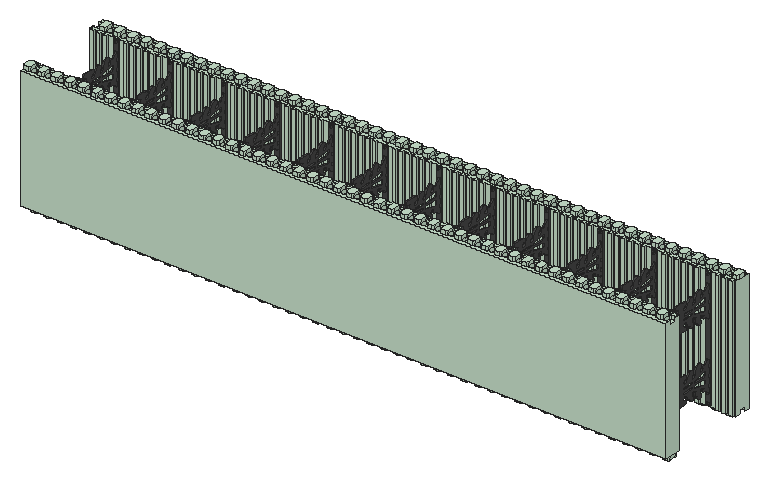
Revit family (continued)
Definition of nested family "NUDURA Diamond Pattern"
  Lines and regions (in)
    model lines
      curve 108: line (4.54562, -5.625, 8.42678) -> (4.17062, -5.625, 8.80178)
      curve 109: arc (3.69709, -5.625, 7.35858) -> (3.75567, -5.625, 7.5) -> (3.69709, -5.625, 7.64142) r 0.2
      curve 110: line (4.634, -5.625, 7.01517) -> (4.29059, -5.625, 7.35858)
      curve 111: arc (4.634, -5.625, 6.48484) -> (4.74384, -5.625, 6.75) -> (4.634, -5.625, 7.01517) r 0.375
      curve 112: line (4.29059, -5.625, 6.14142) -> (4.634, -5.625, 6.48484)
      curve 113: line (3.35367, -5.625, 6.48484) -> (3.69709, -5.625, 6.14142)
      curve 114: arc (3.35367, -5.625, 7.01517) -> (3.24384, -5.625, 6.75) -> (3.35367, -5.625, 6.48484) r 0.375
      curve 115: line (3.69709, -5.625, 7.35858) -> (3.35367, -5.625, 7.01517)
      curve 116: arc (4.17062, -5.625, 7.30178) -> (3.99384, -5.625, 7.375) -> (3.81706, -5.625, 7.30178) r 0.25
      curve 117: line (3.81706, -5.625, 7.30178) -> (3.44206, -5.625, 6.92678)
      curve 118: arc (3.44206, -5.625, 6.92678) -> (3.36884, -5.625, 6.75) -> (3.44206, -5.625, 6.57322) r 0.25
      curve 119: line (3.44206, -5.625, 6.57322) -> (3.81706, -5.625, 6.19822)
      curve 120: arc (3.81706, -5.625, 6.19822) -> (3.99384, -5.625, 6.125) -> (4.17062, -5.625, 6.19822) r 0.25
      curve 121: line (4.17062, -5.625, 6.19822) -> (4.54562, -5.625, 6.57322)
      curve 122: arc (4.54562, -5.625, 6.57322) -> (4.61884, -5.625, 6.75) -> (4.54562, -5.625, 6.92678) r 0.25
      curve 123: line (4.54562, -5.625, 6.92678) -> (4.17062, -5.625, 7.30178)
      curve 124: arc (3.69709, -5.625, 5.85858) -> (3.75567, -5.625, 6) -> (3.69709, -5.625, 6.14142) r 0.2
      curve 125: line (4.634, -5.625, 5.51517) -> (4.29059, -5.625, 5.85858)
      curve 126: arc (4.634, -5.625, 4.98484) -> (4.74384, -5.625, 5.25) -> (4.634, -5.625, 5.51517) r 0.375
      curve 127: line (4.29059, -5.625, 4.64142) -> (4.634, -5.625, 4.98484)
      curve 128: line (3.35367, -5.625, 4.98484) -> (3.69709, -5.625, 4.64142)
      curve 129: arc (3.35367, -5.625, 5.51517) -> (3.24384, -5.625, 5.25) -> (3.35367, -5.625, 4.98484) r 0.375
      curve 130: line (3.69709, -5.625, 5.85858) -> (3.35367, -5.625, 5.51517)
      curve 131: arc (4.17062, -5.625, 5.80178) -> (3.99384, -5.625, 5.875) -> (3.81706, -5.625, 5.80178) r 0.25
      curve 132: line (3.81706, -5.625, 5.80178) -> (3.44206, -5.625, 5.42678)
      curve 133: arc (3.44206, -5.625, 5.42678) -> (3.36884, -5.625, 5.25) -> (3.44206, -5.625, 5.07322) r 0.25
      curve 134: line (3.44206, -5.625, 5.07322) -> (3.81706, -5.625, 4.69822)
      curve 135: arc (3.81706, -5.625, 4.69822) -> (3.99384, -5.625, 4.625) -> (4.17062, -5.625, 4.69822) r 0.25
      curve 136: line (4.17062, -5.625, 4.69822) -> (4.54562, -5.625, 5.07322)
      curve 137: arc (4.54562, -5.625, 5.07322) -> (4.61884, -5.625, 5.25) -> (4.54562, -5.625, 5.42678) r 0.25
      curve 138: line (4.54562, -5.625, 5.42678) -> (4.17062, -5.625, 5.80178)
      curve 139: arc (3.69709, -5.625, 4.35858) -> (3.75567, -5.625, 4.5) -> (3.69709, -5.625, 4.64142) r 0.2
      curve 140: line (4.634, -5.625, 4.01517) -> (4.29059, -5.625, 4.35858)
      curve 141: arc (4.634, -5.625, 3.48484) -> (4.74384, -5.625, 3.75) -> (4.634, -5.625, 4.01517) r 0.375
      curve 142: line (4.29059, -5.625, 3.14142) -> (4.634, -5.625, 3.48484)
      curve 143: line (3.35367, -5.625, 3.48484) -> (3.69709, -5.625, 3.14142)
      curve 144: arc (3.35367, -5.625, 4.01517) -> (3.24384, -5.625, 3.75) -> (3.35367, -5.625, 3.48484) r 0.375
      curve 145: line (3.69709, -5.625, 4.35858) -> (3.35367, -5.625, 4.01517)
      curve 146: arc (4.17062, -5.625, 4.30178) -> (3.99384, -5.625, 4.375) -> (3.81706, -5.625, 4.30178) r 0.25
      curve 147: line (3.81706, -5.625, 4.30178) -> (3.44206, -5.625, 3.92678)
      curve 148: arc (3.44206, -5.625, 3.92678) -> (3.36884, -5.625, 3.75) -> (3.44206, -5.625, 3.57322) r 0.25
      curve 149: line (3.44206, -5.625, 3.57322) -> (3.81706, -5.625, 3.19822)
      curve 150: arc (3.81706, -5.625, 3.19822) -> (3.99384, -5.625, 3.125) -> (4.17062, -5.625, 3.19822) r 0.25
      curve 151: line (4.17062, -5.625, 3.19822) -> (4.54562, -5.625, 3.57322)
      curve 152: arc (4.54562, -5.625, 3.57322) -> (4.61884, -5.625, 3.75) -> (4.54562, -5.625, 3.92678) r 0.25
      curve 153: line (4.54562, -5.625, 3.92678) -> (4.17062, -5.625, 4.30178)
      curve 154: arc (3.69709, -5.625, 2.85858) -> (3.75567, -5.625, 3) -> (3.69709, -5.625, 3.14142) r 0.2
      curve 155: line (4.634, -5.625, 2.51517) -> (4.29059, -5.625, 2.85858)
      curve 156: arc (4.634, -5.625, 1.98484) -> (4.74384, -5.625, 2.25) -> (4.634, -5.625, 2.51517) r 0.375
      curve 157: line (4.29059, -5.625, 1.64142) -> (4.634, -5.625, 1.98484)
      curve 158: line (3.35367, -5.625, 1.98484) -> (3.69709, -5.625, 1.64142)
      curve 159: arc (3.35367, -5.625, 2.51517) -> (3.24384, -5.625, 2.25) -> (3.35367, -5.625, 1.98484) r 0.375
      curve 160: line (3.69709, -5.625, 2.85858) -> (3.35367, -5.625, 2.51517)
      curve 161: arc (4.17062, -5.625, 2.80178) -> (3.99384, -5.625, 2.875) -> (3.81706, -5.625, 2.80178) r 0.25
      curve 162: line (3.81706, -5.625, 2.80178) -> (3.44206, -5.625, 2.42678)
      curve 163: arc (3.44206, -5.625, 2.42678) -> (3.36884, -5.625, 2.25) -> (3.44206, -5.625, 2.07322) r 0.25
      curve 164: line (3.44206, -5.625, 2.07322) -> (3.81706, -5.625, 1.69822)
      curve 165: arc (3.81706, -5.625, 1.69822) -> (3.99384, -5.625, 1.625) -> (4.17062, -5.625, 1.69822) r 0.25
      curve 166: line (4.17062, -5.625, 1.69822) -> (4.54562, -5.625, 2.07322)
      curve 167: arc (4.54562, -5.625, 2.07322) -> (4.61884, -5.625, 2.25) -> (4.54562, -5.625, 2.42678) r 0.25
      curve 168: line (4.54562, -5.625, 2.42678) -> (4.17062, -5.625, 2.80178)
      curve 169: arc (3.69709, -5.625, 1.35858) -> (3.75567, -5.625, 1.5) -> (3.69709, -5.625, 1.64142) r 0.2
      curve 170: line (3.69709, -5.625, 1.35858) -> (3.35367, -5.625, 1.01517)
      curve 171: arc (3.35367, -5.625, 1.01517) -> (3.24384, -5.625, 0.75) -> (3.35367, -5.625, 0.48484) r 0.375
      curve 172: line (3.35367, -5.625, 0.48484) -> (3.72867, -5.625, 0.10984)
      curve 173: arc (3.72867, -5.625, 0.10984) -> (3.99384, -5.625, 0) -> (4.259, -5.625, 0.10984) r 0.375
      curve 174: line (4.259, -5.625, 0.10984) -> (4.634, -5.625, 0.48484)
      curve 175: arc (4.634, -5.625, 0.48484) -> (4.74384, -5.625, 0.75) -> (4.634, -5.625, 1.01517) r 0.375
      curve 176: line (4.634, -5.625, 1.01517) -> (4.29059, -5.625, 1.35858)
      curve 177: arc (4.29059, -5.625, 1.64142) -> (4.23201, -5.625, 1.5) -> (4.29059, -5.625, 1.35858) r 0.2
      curve 178: arc (4.17062, -5.625, 1.30178) -> (3.99384, -5.625, 1.375) -> (3.81706, -5.625, 1.30178) r 0.25
      curve 179: line (4.54562, -5.625, 0.92678) -> (4.17062, -5.625, 1.30178)
      curve 180: arc (4.54562, -5.625, 0.57322) -> (4.61884, -5.625, 0.75) -> (4.54562, -5.625, 0.92678) r 0.25
      curve 181: line (4.17062, -5.625, 0.19822) -> (4.54562, -5.625, 0.57322)
      curve 182: arc (3.81706, -5.625, 0.19822) -> (3.99384, -5.625, 0.125) -> (4.17062, -5.625, 0.19822) r 0.25
      curve 183: line (3.44206, -5.625, 0.57322) -> (3.81706, -5.625, 0.19822)
      curve 184: arc (3.44206, -5.625, 0.92678) -> (3.36884, -5.625, 0.75) -> (3.44206, -5.625, 0.57322) r 0.25
      curve 185: line (3.81706, -5.625, 1.30178) -> (3.44206, -5.625, 0.92678)
      curve 186: arc (4.29059, -5.625, 3.14142) -> (4.23201, -5.625, 3) -> (4.29059, -5.625, 2.85858) r 0.2
      curve 187: arc (4.29059, -5.625, 4.64142) -> (4.23201, -5.625, 4.5) -> (4.29059, -5.625, 4.35858) r 0.2
      curve 188: arc (4.29059, -5.625, 6.14142) -> (4.23201, -5.625, 6) -> (4.29059, -5.625, 5.85858) r 0.2
      curve 189: arc (4.29059, -5.625, 7.64142) -> (4.23201, -5.625, 7.5) -> (4.29059, -5.625, 7.35858) r 0.2
      curve 190: arc (4.29059, -5.625, 9.14142) -> (4.23201, -5.625, 9) -> (4.29059, -5.625, 8.85858) r 0.2
      curve 191: arc (4.29059, -5.625, 10.64142) -> (4.23201, -5.625, 10.5) -> (4.29059, -5.625, 10.35858) r 0.2
      curve 192: arc (4.29059, -5.625, 12.14142) -> (4.23201, -5.625, 12) -> (4.29059, -5.625, 11.85858) r 0.2
      curve 193: arc (4.29059, -5.625, 13.64142) -> (4.23201, -5.625, 13.5) -> (4.29059, -5.625, 13.35858) r 0.2
      curve 194: arc (4.29059, -5.625, 15.14142) -> (4.23201, -5.625, 15) -> (4.29059, -5.625, 14.85858) r 0.2
      curve 195: arc (4.29059, -5.625, 16.64142) -> (4.23201, -5.625, 16.5) -> (4.29059, -5.625, 16.35858) r 0.2
Definition of nested family "NUDURA Logo Diamond"
  Reference planes (in)
    plane 1 "Center (Front/Back)": y = 0
    plane 2: z = 0
    plane 3 "Center (Left/Right)": x = 0
  Lines and regions (in)
    model lines
      curve 1: line (12.59848, 0, 17.50104) -> (12.24492, 0, 17.85459)
      curve 2: line (12.36113, 0, 16.76872) -> (12.59848, 0, 17.00607)
      curve 3: line (12.59848, 0, 16.00104) -> (12.36113, 0, 16.23839)
      curve 4: line (12.36113, 0, 15.26872) -> (12.59848, 0, 15.50607)
      curve 5: line (12.59848, 0, 14.50104) -> (12.36113, 0, 14.73839)
      curve 6: line (12.36113, 0, 13.76872) -> (12.59848, 0, 14.00607)
      curve 7: line (12.17421, 0, 13.28388) -> (12.71208, 0, 12.74602)
      curve 8: line (12.71208, 0, 12.74602) -> (12.78279, 0, 12.81673)
      curve 9: line (11.28279, 0, 12.74602) -> (11.82066, 0, 13.28388)
      curve 10: line (11.63374, 0, 13.23839) -> (11.21208, 0, 12.81673)
      curve 11: line (11.3964, 0, 14.00607) -> (11.63374, 0, 13.76872)
      curve 12: line (11.63374, 0, 14.73839) -> (11.3964, 0, 14.50104)
      curve 13: line (11.3964, 0, 15.50607) -> (11.63374, 0, 15.26872)
      curve 14: line (11.63374, 0, 16.23839) -> (11.3964, 0, 16.00104)
      curve 15: line (11.3964, 0, 17.00607) -> (11.63374, 0, 16.76872)
      curve 16: line (11.74995, 0, 17.85459) -> (11.3964, 0, 17.50104)
      curve 17: line (11.82066, 0, 17.78388) -> (11.46711, 0, 17.43033)
      curve 18: line (12.52777, 0, 17.43033) -> (12.17421, 0, 17.78388)
      curve 19: line (12.17421, 0, 16.72322) -> (12.52777, 0, 17.07678)
      curve 20: line (11.46711, 0, 17.07678) -> (11.82066, 0, 16.72322)
      curve 21: arc (11.3964, 0, 17.50104) -> (11.29388, 0, 17.25355) -> (11.3964, 0, 17.00607) r 0.35
      curve 22: arc (11.74995, 0, 17.85459) -> (11.99744, 0, 17.95711) -> (12.24492, 0, 17.85459) r 0.35
      curve 23: arc (11.46711, 0, 17.43033) -> (11.39388, 0, 17.25355) -> (11.46711, 0, 17.07678) r 0.25
      curve 24: arc (12.52777, 0, 17.43033) -> (12.60099, 0, 17.25355) -> (12.52777, 0, 17.07678) r 0.25
      curve 25: arc (12.17421, 0, 16.72322) -> (11.99744, 0, 16.65) -> (11.82066, 0, 16.72322) r 0.25
      curve 26: arc (11.82066, 0, 17.78388) -> (11.99744, 0, 17.85711) -> (12.17421, 0, 17.78388) r 0.25
      curve 27: arc (12.59848, 0, 17.50104) -> (12.70099, 0, 17.25355) -> (12.59848, 0, 17.00607) r 0.35
      curve 28: arc (11.63374, 0, 16.76872) -> (11.74358, 0, 16.50355) -> (11.63374, 0, 16.23839) r 0.375
      curve 29: arc (12.36113, 0, 16.76872) -> (12.2513, 0, 16.50355) -> (12.36113, 0, 16.23839) r 0.375
      curve 30: line (12.36113, 0, 15.26872) -> (12.59848, 0, 15.50607)
      curve 31: line (11.3964, 0, 15.50607) -> (11.63374, 0, 15.26872)
      curve 32: line (11.82066, 0, 16.28388) -> (11.46711, 0, 15.93033)
      curve 33: line (12.52777, 0, 15.93033) -> (12.17421, 0, 16.28388)
      curve 34: line (12.17421, 0, 15.22322) -> (12.52777, 0, 15.57678)
      curve 35: line (11.46711, 0, 15.57678) -> (11.82066, 0, 15.22322)
      curve 36: arc (11.3964, 0, 16.00104) -> (11.29388, 0, 15.75355) -> (11.3964, 0, 15.50607) r 0.35
      curve 37: arc (11.46711, 0, 15.93033) -> (11.39388, 0, 15.75355) -> (11.46711, 0, 15.57678) r 0.25
      curve 38: arc (12.52777, 0, 15.93033) -> (12.60099, 0, 15.75355) -> (12.52777, 0, 15.57678) r 0.25
      curve 39: arc (12.17421, 0, 15.22322) -> (11.99744, 0, 15.15) -> (11.82066, 0, 15.22322) r 0.25
      curve 40: arc (11.82066, 0, 16.28388) -> (11.99744, 0, 16.35711) -> (12.17421, 0, 16.28388) r 0.25
      curve 41: arc (12.59848, 0, 16.00104) -> (12.70099, 0, 15.75355) -> (12.59848, 0, 15.50607) r 0.35
      curve 42: line (11.63374, 0, 16.23839) -> (11.3964, 0, 16.00104)
      curve 43: line (12.59848, 0, 16.00104) -> (12.36113, 0, 16.23839)
      curve 44: arc (11.63374, 0, 15.26872) -> (11.74358, 0, 15.00355) -> (11.63374, 0, 14.73839) r 0.375
      curve 45: arc (12.36113, 0, 15.26872) -> (12.2513, 0, 15.00355) -> (12.36113, 0, 14.73839) r 0.375
      curve 46: line (12.36113, 0, 13.76872) -> (12.59848, 0, 14.00607)
      curve 47: line (11.3964, 0, 14.00607) -> (11.63374, 0, 13.76872)
      curve 48: line (11.82066, 0, 14.78388) -> (11.46711, 0, 14.43033)
      curve 49: line (12.52777, 0, 14.43033) -> (12.17421, 0, 14.78388)
      curve 50: line (12.17421, 0, 13.72322) -> (12.52777, 0, 14.07678)
      curve 51: line (11.46711, 0, 14.07678) -> (11.82066, 0, 13.72322)
      curve 52: arc (11.3964, 0, 14.50104) -> (11.29388, 0, 14.25355) -> (11.3964, 0, 14.00607) r 0.35
      curve 53: arc (11.46711, 0, 14.43033) -> (11.39388, 0, 14.25355) -> (11.46711, 0, 14.07678) r 0.25
      curve 54: arc (12.52777, 0, 14.43033) -> (12.60099, 0, 14.25355) -> (12.52777, 0, 14.07678) r 0.25
      curve 55: arc (12.17421, 0, 13.72322) -> (11.99744, 0, 13.65) -> (11.82066, 0, 13.72322) r 0.25
      curve 56: arc (11.82066, 0, 14.78388) -> (11.99744, 0, 14.85711) -> (12.17421, 0, 14.78388) r 0.25
      curve 57: arc (12.59848, 0, 14.50104) -> (12.70099, 0, 14.25355) -> (12.59848, 0, 14.00607) r 0.35
      curve 58: line (11.63374, 0, 14.73839) -> (11.3964, 0, 14.50104)
      curve 59: arc (11.63374, 0, 13.76872) -> (11.74358, 0, 13.50355) -> (11.63374, 0, 13.23839) r 0.375
      curve 60: arc (12.36113, 0, 13.76872) -> (12.2513, 0, 13.50355) -> (12.36113, 0, 13.23839) r 0.375
      curve 61: line (12.78279, 0, 12.81673) -> (12.36113, 0, 13.23839)
      curve 62: line (11.21208, 0, 12.81673) -> (11.28279, 0, 12.74602)
      curve 63: arc (11.82066, 0, 13.28388) -> (11.99744, 0, 13.35711) -> (12.17421, 0, 13.28388) r 0.25
      curve 64: line (12.59848, 0, 0.50607) -> (12.24492, 0, 0.15251)
      curve 65: line (12.36113, 0, 1.23839) -> (12.59848, 0, 1.00104)
      curve 66: line (12.59848, 0, 2.00607) -> (12.36113, 0, 1.76872)
      curve 67: line (12.36113, 0, 2.73839) -> (12.59848, 0, 2.50104)
      curve 68: line (12.59848, 0, 3.50607) -> (12.36113, 0, 3.26872)
      curve 69: line (12.36113, 0, 4.23839) -> (12.59848, 0, 4.00104)
      curve 70: line (12.17421, 0, 4.72322) -> (12.71208, 0, 5.26109)
      curve 71: line (12.71208, 0, 5.26109) -> (12.78279, 0, 5.19038)
      curve 72: line (11.28279, 0, 5.26109) -> (11.82066, 0, 4.72322)
      curve 73: line (11.63374, 0, 4.76872) -> (11.21208, 0, 5.19038)
      curve 74: line (11.3964, 0, 4.00104) -> (11.63374, 0, 4.23839)
      curve 75: line (11.63374, 0, 3.26872) -> (11.3964, 0, 3.50607)
      curve 76: line (11.3964, 0, 2.50104) -> (11.63374, 0, 2.73839)
      curve 77: line (11.63374, 0, 1.76872) -> (11.3964, 0, 2.00607)
      curve 78: line (11.3964, 0, 1.00104) -> (11.63374, 0, 1.23839)
      curve 79: line (11.74995, 0, 0.15251) -> (11.3964, 0, 0.50607)
      curve 80: line (11.82066, 0, 0.22322) -> (11.46711, 0, 0.57678)
      curve 81: line (12.52777, 0, 0.57678) -> (12.17421, 0, 0.22322)
      curve 82: line (12.17421, 0, 1.28388) -> (12.52777, 0, 0.93033)
      curve 83: line (11.46711, 0, 0.93033) -> (11.82066, 0, 1.28388)
      curve 84: arc (11.3964, 0, 0.50607) -> (11.29388, 0, 0.75355) -> (11.3964, 0, 1.00104) r 0.35
      curve 85: arc (11.74995, 0, 0.15251) -> (11.99744, 0, 0.05) -> (12.24492, 0, 0.15251) r 0.35
      curve 86: arc (11.46711, 0, 0.57678) -> (11.39388, 0, 0.75355) -> (11.46711, 0, 0.93033) r 0.25
      curve 87: arc (12.52777, 0, 0.57678) -> (12.60099, 0, 0.75355) -> (12.52777, 0, 0.93033) r 0.25
      curve 88: arc (12.17421, 0, 1.28388) -> (11.99744, 0, 1.35711) -> (11.82066, 0, 1.28388) r 0.25
      curve 89: arc (11.82066, 0, 0.22322) -> (11.99744, 0, 0.15) -> (12.17421, 0, 0.22322) r 0.25
      curve 90: arc (12.59848, 0, 0.50607) -> (12.70099, 0, 0.75355) -> (12.59848, 0, 1.00104) r 0.35
      curve 91: arc (11.63374, 0, 1.23839) -> (11.74358, 0, 1.50355) -> (11.63374, 0, 1.76872) r 0.375
      curve 92: arc (12.36113, 0, 1.23839) -> (12.2513, 0, 1.50355) -> (12.36113, 0, 1.76872) r 0.375
      curve 93: line (12.36113, 0, 2.73839) -> (12.59848, 0, 2.50104)
      curve 94: line (11.3964, 0, 2.50104) -> (11.63374, 0, 2.73839)
      curve 95: line (11.82066, 0, 1.72322) -> (11.46711, 0, 2.07678)
      curve 96: line (12.52777, 0, 2.07678) -> (12.17421, 0, 1.72322)
      curve 97: line (12.17421, 0, 2.78388) -> (12.52777, 0, 2.43033)
      curve 98: line (11.46711, 0, 2.43033) -> (11.82066, 0, 2.78388)
      curve 99: arc (11.3964, 0, 2.00607) -> (11.29388, 0, 2.25355) -> (11.3964, 0, 2.50104) r 0.35
      curve 100: arc (11.46711, 0, 2.07678) -> (11.39388, 0, 2.25355) -> (11.46711, 0, 2.43033) r 0.25
      curve 101: arc (12.52777, 0, 2.07678) -> (12.60099, 0, 2.25355) -> (12.52777, 0, 2.43033) r 0.25
      curve 102: arc (12.17421, 0, 2.78388) -> (11.99744, 0, 2.85711) -> (11.82066, 0, 2.78388) r 0.25
      curve 103: arc (11.82066, 0, 1.72322) -> (11.99744, 0, 1.65) -> (12.17421, 0, 1.72322) r 0.25
      curve 104: arc (12.59848, 0, 2.00607) -> (12.70099, 0, 2.25355) -> (12.59848, 0, 2.50104) r 0.35
      curve 105: line (11.63374, 0, 1.76872) -> (11.3964, 0, 2.00607)
      curve 106: line (12.59848, 0, 2.00607) -> (12.36113, 0, 1.76872)
      curve 107: arc (11.63374, 0, 2.73839) -> (11.74358, 0, 3.00355) -> (11.63374, 0, 3.26872) r 0.375
      curve 108: arc (12.36113, 0, 2.73839) -> (12.2513, 0, 3.00355) -> (12.36113, 0, 3.26872) r 0.375
      curve 109: line (12.36113, 0, 4.23839) -> (12.59848, 0, 4.00104)
      curve 110: line (11.3964, 0, 4.00104) -> (11.63374, 0, 4.23839)
      curve 111: line (11.82066, 0, 3.22322) -> (11.46711, 0, 3.57678)
      curve 112: line (12.52777, 0, 3.57678) -> (12.17421, 0, 3.22322)
      curve 113: line (12.17421, 0, 4.28388) -> (12.52777, 0, 3.93033)
      curve 114: line (11.46711, 0, 3.93033) -> (11.82066, 0, 4.28388)
      curve 115: arc (11.3964, 0, 3.50607) -> (11.29388, 0, 3.75355) -> (11.3964, 0, 4.00104) r 0.35
      curve 116: arc (11.46711, 0, 3.57678) -> (11.39388, 0, 3.75355) -> (11.46711, 0, 3.93033) r 0.25
      curve 117: arc (12.52777, 0, 3.57678) -> (12.60099, 0, 3.75355) -> (12.52777, 0, 3.93033) r 0.25
      curve 118: arc (12.17421, 0, 4.28388) -> (11.99744, 0, 4.35711) -> (11.82066, 0, 4.28388) r 0.25
      curve 119: arc (11.82066, 0, 3.22322) -> (11.99744, 0, 3.15) -> (12.17421, 0, 3.22322) r 0.25
      curve 120: arc (12.59848, 0, 3.50607) -> (12.70099, 0, 3.75355) -> (12.59848, 0, 4.00104) r 0.35
      curve 121: line (11.63374, 0, 3.26872) -> (11.3964, 0, 3.50607)
      curve 122: arc (11.63374, 0, 4.23839) -> (11.74358, 0, 4.50355) -> (11.63374, 0, 4.76872) r 0.375
      curve 123: arc (12.36113, 0, 4.23839) -> (12.2513, 0, 4.50355) -> (12.36113, 0, 4.76872) r 0.375
      curve 124: line (12.78279, 0, 5.19038) -> (12.36113, 0, 4.76872)
      curve 125: line (11.21208, 0, 5.19038) -> (11.28279, 0, 5.26109)
      curve 126: arc (11.82066, 0, 4.72322) -> (11.99744, 0, 4.65) -> (12.17421, 0, 4.72322) r 0.25
      curve 127: line (12.37244, 0, 12.50355) -> (11.62244, 0, 12.50355)
      curve 128: line (12.74744, 0, 5.87855) -> (12.74744, 0, 12.12855)
      curve 129: line (11.24744, 0, 12.12855) -> (11.24744, 0, 5.87855)
      curve 130: line (11.62244, 0, 5.50355) -> (12.37244, 0, 5.50355)
      curve 131: line (12.47232, 0, 12.00355) -> (12.0393, 0, 12.25355)
      curve 132: line (12.47232, 0, 11.50355) -> (12.47232, 0, 12.00355)
      curve 133: line (12.25581, 0, 11.37855) -> (12.47232, 0, 11.50355)
      curve 134: line (12.02256, 0, 11.51322) -> (12.25581, 0, 11.37855)
      curve 135: line (12.22232, 0, 11.62855) -> (12.02256, 0, 11.51322)
      curve 136: line (11.80605, 0, 12.11888) -> (12.22232, 0, 11.87855)
      curve 137: line (12.22232, 0, 11.87855) -> (12.22232, 0, 11.62855)
      curve 138: line (12.0393, 0, 12.25355) -> (11.80605, 0, 12.11888)
      curve 139: line (11.77256, 0, 11.63822) -> (11.97232, 0, 11.75355)
      curve 140: line (11.97232, 0, 11.75355) -> (11.73906, 0, 11.88822)
      curve 141: line (11.73906, 0, 11.88822) -> (11.52256, 0, 11.76322)
      curve 142: line (11.52256, 0, 11.76322) -> (11.52256, 0, 11.26322)
      curve 143: line (11.77256, 0, 11.38822) -> (11.77256, 0, 11.63822)
      curve 144: line (12.18882, 0, 11.14789) -> (11.77256, 0, 11.38822)
      curve 145: line (11.95557, 0, 11.01322) -> (12.18882, 0, 11.14789)
      curve 146: line (11.52256, 0, 11.26322) -> (11.95557, 0, 11.01322)
      curve 147: line (12.31108, 0, 10.60411) -> (11.68379, 0, 10.74458)
      curve 148: line (11.68379, 0, 10.74458) -> (11.68379, 0, 10.51321)
      curve 149: line (11.68379, 0, 10.51321) -> (12.1295, 0, 10.41405)
      curve 150: line (12.1295, 0, 10.41405) -> (11.68379, 0, 10.27358)
      curve 151: line (11.68379, 0, 10.27358) -> (11.68379, 0, 9.8852)
      curve 152: line (11.68379, 0, 9.8852) -> (12.17077, 0, 9.77615)
      curve 153: line (12.17077, 0, 9.77615) -> (12.17077, 0, 9.74472)
      curve 154: line (12.17077, 0, 9.74472) -> (11.86146, 0, 9.80279)
      curve 155: line (11.68379, 0, 9.65536) -> (11.68379, 0, 9.35864)
      curve 156: line (12.07077, 0, 8.74385) -> (12.07077, 0, 8.99996)
      curve 157: line (12.07077, 0, 8.99996) -> (11.68379, 0, 9.08605)
      curve 158: line (11.68379, 0, 9.08605) -> (11.68379, 0, 8.47809)
      curve 159: line (11.91823, 0, 9.06589) -> (12.31108, 0, 8.97792)
      curve 160: line (11.82444, 0, 8.55476) -> (11.82444, 0, 8.79865)
      curve 161: line (11.82444, 0, 8.79865) -> (12.07077, 0, 8.74385)
      curve 162: line (11.68379, 0, 8.07193) -> (11.68379, 0, 7.77522)
      curve 163: line (11.91823, 0, 7.48247) -> (12.21108, 0, 7.41688)
      curve 164: line (12.21108, 0, 7.41688) -> (12.21108, 0, 6.95405)
      curve 165: line (12.16108, 0, 6.90405) -> (12.12077, 0, 6.90405)
      curve 166: line (12.07077, 0, 6.95405) -> (12.07077, 0, 7.08675)
      curve 167: line (12.07077, 0, 7.08675) -> (12.12077, 0, 7.07556)
      curve 168: line (12.12077, 0, 7.07556) -> (12.12077, 0, 7.33463)
      curve 169: line (12.12077, 0, 7.33463) -> (11.68379, 0, 7.43249)
      curve 170: line (11.68379, 0, 7.43249) -> (11.68379, 0, 7.17341)
      curve 171: line (11.68379, 0, 7.17341) -> (11.97077, 0, 7.10915)
      curve 172: line (11.97077, 0, 7.10915) -> (11.97077, 0, 6.99425)
      curve 173: line (11.92077, 0, 6.94425) -> (11.68379, 0, 6.94425)
      curve 174: line (11.68379, 0, 6.94425) -> (11.68379, 0, 6.45682)
      curve 175: line (11.68379, 0, 6.45682) -> (11.78284, 0, 6.38658)
      curve 176: line (11.78284, 0, 6.38658) -> (11.78284, 0, 6.05178)
      curve 177: line (12.12371, 0, 6.14486) -> (11.88284, 0, 6.31567)
      curve 178: line (11.88284, 0, 6.31567) -> (11.88284, 0, 6.07909)
      curve 179: line (11.88284, 0, 6.07909) -> (12.12371, 0, 6.14486)
      curve 180: line (11.78284, 0, 6.05178) -> (11.68379, 0, 6.02474)
      curve 181: line (11.68379, 0, 6.02474) -> (11.68379, 0, 5.75355)
      curve 182: line (11.68379, 0, 5.75355) -> (12.31108, 0, 5.92483)
      curve 183: line (12.31108, 0, 5.92483) -> (12.31108, 0, 6.28791)
      curve 184: line (12.31108, 0, 6.28791) -> (11.76249, 0, 6.67694)
      curve 185: line (11.76249, 0, 6.67694) -> (11.90321, 0, 6.67694)
      curve 186: line (12.31108, 0, 6.78674) -> (12.31108, 0, 7.63562)
      curve 187: line (12.31108, 0, 7.63562) -> (11.90258, 0, 7.7271)
      curve 188: line (11.82444, 0, 7.82469) -> (11.82444, 0, 7.92839)
      curve 189: line (11.88536, 0, 7.97718) -> (12.31108, 0, 7.88185)
      curve 190: line (12.31108, 0, 7.88185) -> (12.31108, 0, 8.13496)
      curve 191: line (12.31108, 0, 8.13496) -> (12.08042, 0, 8.17826)
      curve 192: line (12.31108, 0, 8.38353) -> (12.31108, 0, 8.9465)
      curve 193: line (12.31108, 0, 8.9465) -> (12.17077, 0, 8.97771)
      curve 194: line (12.17077, 0, 8.97771) -> (12.17077, 0, 8.55476)
      curve 195: line (12.31108, 0, 8.97792) -> (12.31108, 0, 9.21905)
      curve 196: line (12.31108, 0, 9.21905) -> (11.90258, 0, 9.31053)
      curve 197: line (11.82444, 0, 9.40811) -> (11.82444, 0, 9.51182)
      curve 198: line (11.87938, 0, 9.56195) -> (12.31108, 0, 9.46528)
      curve 199: line (12.31108, 0, 9.46528) -> (12.31108, 0, 9.98469)
      curve 200: line (12.31108, 0, 9.98469) -> (11.90664, 0, 10.07526)
      curve 201: line (11.90664, 0, 10.07526) -> (12.31108, 0, 10.20747)
      curve 202: line (12.31108, 0, 10.20747) -> (12.31108, 0, 10.60411)
      curve 203: arc (11.68379, 0, 9.65536) -> (11.73801, 0, 9.7708) -> (11.86146, 0, 9.80279) r 0.15
      curve 204: arc (11.68379, 0, 9.35864) -> (11.74962, 0, 9.17112) -> (11.91823, 0, 9.06589) r 0.3
      curve 205: arc (11.84417, 0, 8.22149) -> (11.72718, 0, 8.32679) -> (11.68379, 0, 8.47809) r 0.28547
      curve 206: arc (11.68379, 0, 8.07193) -> (11.73147, 0, 8.18158) -> (11.84417, 0, 8.22149) r 0.14992
      curve 207: arc (11.68379, 0, 7.77522) -> (11.74962, 0, 7.58769) -> (11.91823, 0, 7.48247) r 0.3
      curve 208: arc (11.82444, 0, 7.82469) -> (11.84638, 0, 7.76218) -> (11.90258, 0, 7.7271) r 0.1
      curve 209: arc (11.82444, 0, 7.92839) -> (11.84318, 0, 7.96742) -> (11.88536, 0, 7.97718) r 0.05
      curve 210: arc (12.12077, 0, 6.90405) -> (12.08541, 0, 6.91869) -> (12.07077, 0, 6.95405) r 0.05
      curve 211: arc (12.16108, 0, 6.90405) -> (12.19644, 0, 6.91869) -> (12.21108, 0, 6.95405) r 0.05
      curve 212: arc (11.97077, 0, 6.99425) -> (11.95612, 0, 6.95889) -> (11.92077, 0, 6.94425) r 0.05
      curve 213: arc (11.90321, 0, 6.67694) -> (11.96756, 0, 6.70069) -> (12.00104, 0, 6.76055) r 0.09904
      curve 214: arc (12.00104, 0, 6.76055) -> (12.1681, 0, 6.63117) -> (12.31108, 0, 6.78674) r 0.15613
      curve 215: arc (12.08042, 0, 8.17826) -> (12.24181, 0, 8.22914) -> (12.31108, 0, 8.38353) r 0.20667
      curve 216: arc (11.82444, 0, 8.55476) -> (11.9976, 0, 8.3816) -> (12.17077, 0, 8.55476) r 0.17317
      curve 217: arc (11.82444, 0, 9.40811) -> (11.84638, 0, 9.34561) -> (11.90258, 0, 9.31053) r 0.1
      curve 218: arc (11.82444, 0, 9.51182) -> (11.8459, 0, 9.55306) -> (11.892, 0, 9.55913) r 0.05034
      curve 219: arc (11.24744, 0, 12.12855) -> (11.35727, 0, 12.39372) -> (11.62244, 0, 12.50355) r 0.375
      curve 220: arc (12.37244, 0, 12.50355) -> (12.6376, 0, 12.39372) -> (12.74744, 0, 12.12855) r 0.375
      curve 221: arc (11.24744, 0, 5.87855) -> (11.35727, 0, 5.61339) -> (11.62244, 0, 5.50355) r 0.375
      curve 222: arc (12.37244, 0, 5.50355) -> (12.6376, 0, 5.61339) -> (12.74744, 0, 5.87855) r 0.375
      curve 223: line (9.99744, 0, 18) -> (9.99744, 0, 0)
      curve 224: line (13.99744, 0, 18) -> (13.99744, 0, 0)
      curve 225: line (15.99744, 0, 18) -> (15.99744, 0, 0)
